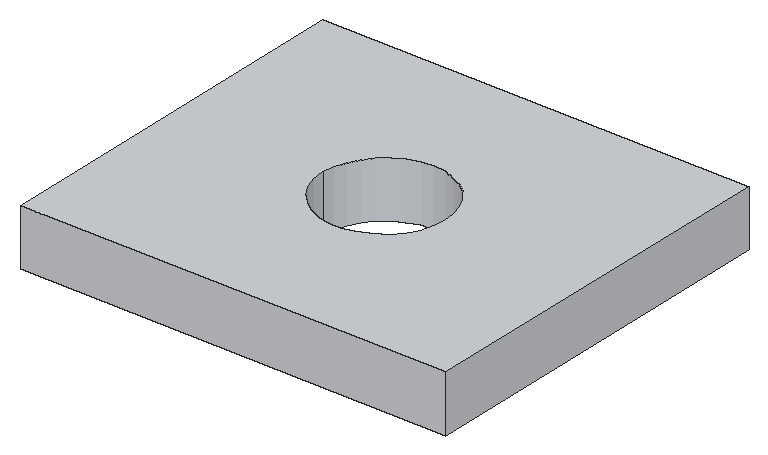
Revit family "Lochplatte", category HLS-Bauteile, Revit 2017
Family settings
  Bemaßung runder Anschluss = Durchmesser verwenden
  Teiletyp = Normal
  Arbeitsebenenbasiert = Ja
  Immer vertikal = Nein
  Beim Laden mit Abzugskörper schneiden = Nein
  Gemeinsam genutzt = Ja
  Raumberechnungspunkt = Nein
Parameters (values of type "Lochplatte 13 fvz")
  vpe = ""
  für Gewinde = ""
  d2 = 6.5 mm
  Default Elevation = 1219.2 mm
  Stärke Material = 0 mm
  Stärke = 0 mm
  Schienenbreite = ""
  S = 6 mm
  Regelhalter [instance] = ""
  Profiltyp = "45"
  Profil = ""
  Plattentyp = ""
  Oberflaeche = ""
  Mengeneinheit = ""
  Materialname = "S235"
  Material = "Stahl"
  Länge = 45 mm
  Lochdurchmesser = ""
  L = 45 mm
  Kurztext2 = "Bohrung 13 mm 45x40x6 mm"
  Kurztext1 = "Lochplatte C-Profil 45"
  Gewinde = ""
  Gewicht pro Bauteil = Gewicht  # 0.00 kg
  Gewicht = 0.00 kg
  Form = ""
  Firma = "MEFA Befestigungs- und Montagesysteme GmbH"
  Fabrikat = "MEFA"
  EAN = ""
  Deckentyp = ""
  Breite = 40 mm
  B = 40 mm
  Artikelnummer = "0814016/fvz"
  Anzugsmoment = 0 N·m
  Abmessung = ""
Types (4, lengths in mm): name | vpe | für Gewinde | d2 | Stärke | Oberflaeche | Mengeneinheit | Lochdurchmesser | Kurztext2 | Gewicht pro Bauteil | Gewicht | EAN | Artikelnummer
  (no name) | "50" | "M16" | 8.5 | 6 | "galvanisch verzinkt" | "St" | "17 mm" | "Bohrung 17 mm 45x40x6 mm" | 0.0756 kg | 0.0756 kg | "4250928419736" | "0814017"
  Lochplatte 17 | "50" | "M16" | 8.5 | 6 | "galvanisch verzinkt" | "St" | "17 mm" | "Bohrung 17 mm 45x40x6 mm" | 0.0756 kg | 0.0756 kg | "4250928419736" | "0814017"
  Lochplatte 13 | "50" | "M12" | 6.5 | 6 | "galvanisch verzinkt" | "St" | "13 mm" | "Bohrung 13 mm 45x40x6 mm" | 0.0801 kg | 0.0801 kg | "4250928419729" | "0814016"
  Lochplatte 13 fvz | "" | "" | 6.5 | 0 | "" | "" | "" | "Bohrung 13 mm 45x40x6 mm" | 0.00 kg | 0.00 kg | "" | "0814016/fvz"
Reference planes
  plane 1 "Mitte (Vorne/hinten)": y = 0
  plane 2: z = 0
  plane 3 "Mitte (Links/rechts)": x = 0
  plane 4: z = 6
Forms (mm)
  Extrusion 1, solid
    sketch origin (-17.5, 0, 0) x (1, 0, 0) y (0, 1, 0)
      loop
        line (40, 20) -> (-5, 20) -> (-5, -20) -> (40, -20) -> (40, 20)
    from 0 to 6
  Extrusion 2, void
    sketch origin (0, 0, 0) x (1, 0, 0) y (0, 1, 0)
      loop
        circle (0, 0) r 6.5
    from 0 to 250
Cuts and joins
  Extrusion 2 cuts Extrusion 1
Lines and regions (mm)
  model lines
    curve 1: line (0, 15, 0) -> (0, -15, 0)
    curve 2: line (15, 0, 0) -> (-15, 0, 0)
    curve 3: line (0, 0, -7) -> (0, 0, 13)
Dimensions and locks
  "B": Extrusion 1 sketch curve to Extrusion 1 sketch curve
  equal spacing: cut or joined group of Extrusion 1, Extrusion 2, plane 1 "Mitte (Vorne/hinten)", cut or joined group of Extrusion 1, Extrusion 2
  "L": Extrusion 1 sketch curve to Extrusion 1 sketch curve
  "S": level to plane 4
  "d2": radius of Extrusion 2 sketch curve
  aligned and locked: level to plane 2
  aligned and locked: plane 4 to cut or joined group of Extrusion 1, Extrusion 2
Automatic sketch dimensions
  curve 1 to plane 3 "Mitte (Links/rechts)" = 0 mm
  plane 1 "Mitte (Vorne/hinten)" to curve 1 = 15 mm
  curve 1 to plane 1 "Mitte (Vorne/hinten)" = 15 mm
  plane 1 "Mitte (Vorne/hinten)" to curve 2 = 0 mm
  curve 2 to plane 3 "Mitte (Links/rechts)" = 15 mm
  plane 3 "Mitte (Links/rechts)" to curve 2 = 15 mm
  curve 3 to plane 1 "Mitte (Vorne/hinten)" = 0 mm
  curve 3 to level = 7 mm
  curve 3 to plane 4 = 7 mm
  Extrusion 1 sketch curve to plane 3 "Mitte (Links/rechts)" = 22.5 mm
  plane 1 "Mitte (Vorne/hinten)" to Extrusion 1 sketch curve = 20 mm
  plane 1 "Mitte (Vorne/hinten)" to Extrusion 2 sketch curve = 0 mm
  Extrusion 2 sketch curve to plane 3 "Mitte (Links/rechts)" = 0 mm
